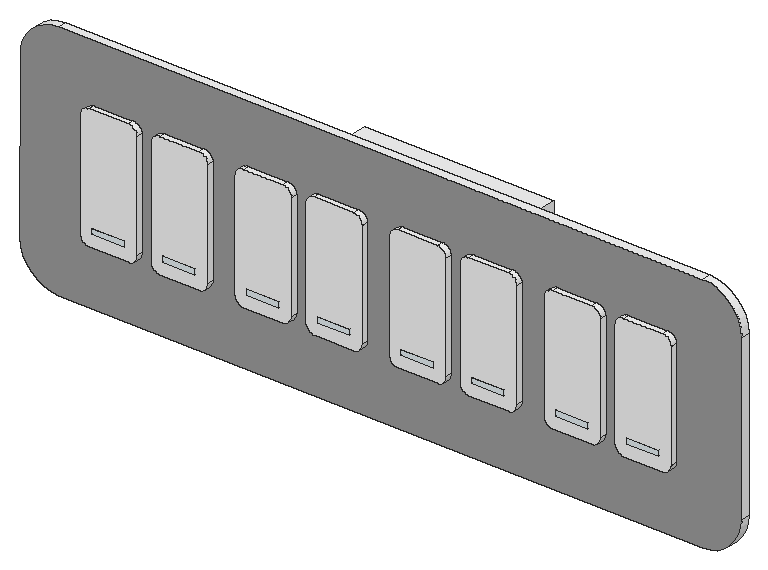
Revit family "EF_Veti-Omni-4", category Electrical Fixtures, Revit 2016
Family settings
  Maintain Annotation Orientation = No
  Part Type = Switch
  Round Connector Dimension = Use Diameter
  Work Plane-Based = No
  Always vertical = Yes
  Cut with Voids When Loaded = No
  Shared = No
  Room Calculation Point = No
Parameters (values of type "Omni 4")
  Voltage_x = 220 V
  URL for TCP = "http://www.tcpbim.co.za"
  URL = "http://www.major-tech.com/veti/"
  Type Comments = "Switches"
  Switch Voltage = Voltage_x  # 220 V
  Omni 4 Height [instance] = 1200 mm
  Materials [instance] = 0 mm
  Manufacturer = "VETI"
  Made by = "Tolani Civil Projects cc"
  Load = 2860 VA
  Description = "Omni 4"
  Amperage = 16 A
Reference planes
  plane 1 "Center (Front/Back)": y = 0
  plane 2: z = 0
  plane 3 "Center (Left/Right)": x = 0
Forms (mm)
  Extrusion 1, solid, material "Plastic White"
    sketch origin (-181.105, 75, 0) x (1, 0, 0) y (0, 0, 1)
      loop
        arc (-6.395, 1340) -> (-22.305, 1333.41) -> (-28.895, 1317.5) r 22.5
        line (-28.895, 1317.5) -> (-28.895, 1222.5)
        arc (-28.895, 1222.5) -> (-22.305, 1206.59) -> (-6.395, 1200) r 22.5
        line (-6.395, 1200) -> (368.605, 1200)
        arc (368.605, 1200) -> (384.515, 1206.59) -> (391.105, 1222.5) r 22.5
        line (391.105, 1222.5) -> (391.105, 1317.5)
        arc (391.105, 1317.5) -> (384.515, 1333.41) -> (368.605, 1340) r 22.5
        line (368.605, 1340) -> (-6.395, 1340)
    from 75 to 80
  Extrusion 2, solid, material "Plastic White"
    sketch origin (-268.605, 0, 0) x (-1, 0, 0) y (0, 0, 1)
      loop
        line (-214.439, 1310) -> (-324.439, 1310) -> (-324.439, 1300) -> (-214.439, 1300) -> (-214.439, 1310)
    from 0 to 51.204
Cuts and joins
  joined: Extrusion 1, Extrusion 2
Dimensions and locks
  Extrusion 2 sketch curve to Extrusion 2 sketch curve to Extrusion 1 = 10 mm, 30 mm
  Extrusion 2 sketch curve to Extrusion 2 sketch curve = 110 mm
  cut or joined group of Extrusion 1, Extrusion 2 to cut or joined group of Extrusion 1, Extrusion 2 to cut or joined group of Extrusion 1, Extrusion 2 = 51.204 mm locked, 5 mm locked
  cut or joined group of Extrusion 1, Extrusion 2 to cut or joined group of Extrusion 1, Extrusion 2 = 110 mm
  locked: cut or joined group of Extrusion 1, Extrusion 2 to plane 1 "Center (Front/Back)"
  locked: cut or joined group of Extrusion 1, Extrusion 2 to plane 3 "Center (Left/Right)" at 55.833
  Extrusion 1 sketch curve to plane 3 "Center (Left/Right)" to Extrusion 1 sketch curve = 210 mm, 210 mm
  locked: cut or joined group of Extrusion 1, Extrusion 2 to cut or joined group of Extrusion 1, Extrusion 2 at 140
  cut or joined group of Extrusion 1, Extrusion 2 to nested 8 to nested 9 to nested 3 to nested 2 to cut or joined group of Extrusion 1, Extrusion 2 = 33.942 mm locked, 0 mm locked, 0 mm locked, 0 mm locked, 106.058 mm
  cut or joined group of Extrusion 1, Extrusion 2 to nested 3 to nested 4 to nested 5 to nested 6 to nested 7 to nested 8 to cut or joined group of Extrusion 1, Extrusion 2 = 33.942 mm locked, 0 mm locked, 0 mm locked, 0 mm locked, 0 mm locked, 0 mm locked, 106.058 mm locked
  nested 5 to nested 4 to nested 3 to nested 2 to plane 3 "Center (Left/Right)" to nested 6 to nested 7 to nested 8 to nested 9 = 41.266 mm locked, 48.734 mm locked, 41.266 mm locked, 40.776 mm locked, 7.958 mm locked, 41.266 mm locked, 48.734 mm locked, 41.266 mm locked
  "Omni 4 Height": cut or joined group of Extrusion 1, Extrusion 2 to level
  aligned and locked: level to plane 2
  aligned and locked: nested 1 to plane 1 "Center (Front/Back)"
  aligned and locked: cut or joined group of Extrusion 1, Extrusion 2 to nested 9
  aligned and locked: cut or joined group of Extrusion 1, Extrusion 2 to nested 8
  aligned and locked: cut or joined group of Extrusion 1, Extrusion 2 to nested 7
  aligned and locked: cut or joined group of Extrusion 1, Extrusion 2 to nested 6
  aligned and locked: cut or joined group of Extrusion 1, Extrusion 2 to nested 2
  aligned and locked: cut or joined group of Extrusion 1, Extrusion 2 to nested 3
  aligned and locked: cut or joined group of Extrusion 1, Extrusion 2 to nested 4
  aligned and locked: cut or joined group of Extrusion 1, Extrusion 2 to nested 5
Automatic sketch dimensions
  Extrusion 1 sketch curve to plane 3 "Center (Left/Right)" = 187.5 mm
  level to Extrusion 1 sketch curve = 1200 mm
  Extrusion 1 sketch curve to Extrusion 1 sketch curve = 22.5 mm  (x3)
  Extrusion 1 sketch curve to Extrusion 1 sketch curve = 95 mm
  Extrusion 2 sketch curve to Extrusion 1 = 154.167 mm
  Extrusion 2 sketch curve to Extrusion 2 sketch curve = 110 mm
Nested families
  nested 1: "Power Point Test 1" at (0, 0, 0) x (-1, 0, 0) z (0, 0, 1), type "Receptacle Symbol"
  nested 2: "Switch 90°1" at (24.388, -5, 134.02), type "Switch 90°"
  nested 3: "Switch 90°1" at (65.654, -5, 134.02), type "Switch 90°"
  nested 4: "Switch 90°1" at (114.388, -5, 134.02), type "Switch 90°"
  nested 5: "Switch 90°1" at (155.654, -5, 134.02), type "Switch 90°"
  nested 6: "Switch 90°1" at (-24.346, -5, 134.02), type "Switch 90°"
  nested 7: "Switch 90°1" at (-65.612, -5, 134.02), type "Switch 90°"
  nested 8: "Switch 90°1" at (-114.346, -5, 134.02), type "Switch 90°"
  nested 9: "Switch 90°1" at (-155.612, -5, 134.02), type "Switch 90°"
Connectors
  electrical at (0.833, 25.602, 1310), driven by "Voltage_x", driven by "Load"
    settings: on cut or joined group of Extrusion 1, Extrusion 2, index 4, voltage 220 V, apparent load 0 VA, apparent load phase1 2860 VA, apparent load phase2 0 VA, apparent load phase3 0 VA, power factor 1, load classification "Other", number of poles 1, system type 31, power factor state 1, is connector primary yes, connector utility no, sub classification motor no, connector description ""
  electrical at (0.833, 25.602, 1310), driven by "Voltage_x", driven by "Load"
    settings: on cut or joined group of Extrusion 1, Extrusion 2, index 5, voltage 220 V, apparent load 0 VA, apparent load phase1 2860 VA, apparent load phase2 0 VA, apparent load phase3 0 VA, power factor 1, load classification "Other", number of poles 1, system type 31, power factor state 1, is connector primary no, connector utility no, sub classification motor no, connector description ""
  electrical at (0.833, 25.602, 1310), driven by "Voltage_x", driven by "Load"
    settings: on cut or joined group of Extrusion 1, Extrusion 2, index 6, voltage 220 V, apparent load 0 VA, apparent load phase1 2860 VA, apparent load phase2 0 VA, apparent load phase3 0 VA, power factor 1, load classification "Other", number of poles 1, system type 31, power factor state 1, is connector primary no, connector utility no, sub classification motor no, connector description ""
  electrical at (0.833, 25.602, 1310), driven by "Voltage_x", driven by "Load"
    settings: on cut or joined group of Extrusion 1, Extrusion 2, index 7, voltage 220 V, apparent load 0 VA, apparent load phase1 2860 VA, apparent load phase2 0 VA, apparent load phase3 0 VA, power factor 1, load classification "Other", number of poles 1, system type 31, power factor state 1, is connector primary no, connector utility no, sub classification motor no, connector description ""
  electrical at (0.833, 25.602, 1310), driven by "Voltage_x", driven by "Load"
    settings: on cut or joined group of Extrusion 1, Extrusion 2, index 8, voltage 220 V, apparent load 0 VA, apparent load phase1 2860 VA, apparent load phase2 0 VA, apparent load phase3 0 VA, power factor 1, load classification "Other", number of poles 1, system type 31, power factor state 1, is connector primary no, connector utility no, sub classification motor no, connector description ""
  electrical at (0.833, 25.602, 1310), driven by "Voltage_x", driven by "Load"
    settings: on cut or joined group of Extrusion 1, Extrusion 2, index 9, voltage 220 V, apparent load 0 VA, apparent load phase1 2860 VA, apparent load phase2 0 VA, apparent load phase3 0 VA, power factor 1, load classification "Other", number of poles 1, system type 31, power factor state 1, is connector primary no, connector utility no, sub classification motor no, connector description ""
  electrical at (0.833, 25.602, 1310), driven by "Voltage_x", driven by "Load"
    settings: on cut or joined group of Extrusion 1, Extrusion 2, index 10, voltage 220 V, apparent load 0 VA, apparent load phase1 2860 VA, apparent load phase2 0 VA, apparent load phase3 0 VA, power factor 1, load classification "Other", number of poles 1, system type 31, power factor state 1, is connector primary no, connector utility no, sub classification motor no, connector description ""
  electrical at (0.833, 25.602, 1310), driven by "Voltage_x", driven by "Load"
    settings: on cut or joined group of Extrusion 1, Extrusion 2, index 11, voltage 220 V, apparent load 0 VA, apparent load phase1 2860 VA, apparent load phase2 0 VA, apparent load phase3 0 VA, power factor 1, load classification "Other", number of poles 1, system type 31, power factor state 1, is connector primary no, connector utility no, sub classification motor no, connector description ""
Definition of nested family "Switch 90°1"
  Reference planes
    plane 1 "Center (Front/Back)": y = 0
    plane 2: z = 0
    plane 3 "Center (Left/Right)": x = 0
  Forms (mm)
    Extrusion 1, solid
      sketch origin (-1136.248, 2.672, 1137.804) x (0, 0, -1) y (1, 0, 0)
        loop
          arc (-29.234, 1152.636) -> (-32.77, 1151.171) -> (-34.234, 1147.636) r 5
          line (-34.234, 1147.636) -> (-34.234, 1124.86)
          arc (-34.234, 1124.86) -> (-32.77, 1121.324) -> (-29.234, 1119.86) r 5
          line (-29.234, 1119.86) -> (32.741, 1119.86)
          arc (32.741, 1119.86) -> (36.277, 1121.324) -> (37.741, 1124.86) r 5
          line (37.741, 1124.86) -> (37.741, 1147.636)
          arc (37.741, 1147.636) -> (36.277, 1151.171) -> (32.741, 1152.636) r 5
          line (32.741, 1152.636) -> (-29.234, 1152.636)
      from 6.186 to 2.672
    Extrusion 2, solid
      sketch origin (-1136.051, 0, 1136.051) x (0, 0, -1) y (1, 0, 0)
        loop
          line (28.988, 1145.439) -> (25.488, 1145.439) -> (25.488, 1126.663) -> (28.988, 1126.663) -> (28.988, 1145.439)
      from 0 to 3.974
  Dimensions and locks
    aligned and locked: plane 2 to level
    aligned and locked: Extrusion 1 to plane 1 "Center (Front/Back)"
Definition of nested family "Power Point Test 1"
  Parameters
    Plug Point Height = 1200 mm
  Reference planes
    plane 1: y = 0
    plane 2: x = 0
  Lines and regions (mm)
    Filled region 1, type "Filled region 1"
      outline origin (0, 0, 0) x (1, 0, 0) y (0, 1, 0)
        loop
          circle (0.005, 2.236) r 0.3
    detail lines
      curve 1: line (-0.442, -0.034, 0) -> (-0.442, 0.736, 0)
      curve 2: arc (1.505, 0.736, 0) -> (0.005, 2.236, 0) -> (-1.495, 0.736, 0) r 1.5
      curve 3: line (0.451, -0.034, 0) -> (0.451, 0.736, 0)
      curve 4: line (-1.495, 0.736, 0) -> (1.505, 0.736, 0)
      curve 5: circle (0.005, 2.236, 0) r 0.3 normal (0, 0, 1)
      curve 6: line (0.005, 2.236, 0) -> (0.005, 4.829, 0)
      curve 7: line (0.005, 4.829, 0) -> (0.975, 4.829, 0)
      curve 8: line (0.005, 4.329, 0) -> (0.975, 4.329, 0)
      curve 9: line (0.005, 3.829, 0) -> (0.975, 3.829, 0)
      curve 10: line (0.005, 3.329, 0) -> (0.975, 3.329, 0)
  Text (mm)
    label "A" at (-2.411, 3.056, 0), shows "Plug Point Height"
    text "S8" at (-0.627, 1.93, 0)
    text "(2x)" at (1.481, 4.48, 0)
  Dimensions and locks
    curve 1 to curve 3 = 0.893 mm
